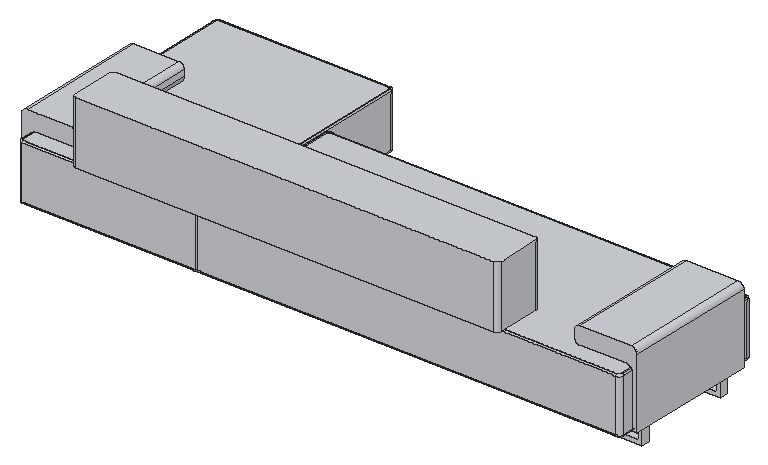
Revit family
Parameters (values of type "Modello con Isola")
  Manufacturer = "Revit"
  Materiale Piedi = none
  Materiale [instance] = none
Reference planes
  plane 1 "Center (Front/Back)": y = 0
  plane 2: z = 0
  plane 3 "Center (Left/Right)": x = 0
  plane 4: y = 210
  plane 5: y = 810
  plane 6: y = 1410
Forms (mm)
  Extrusion 1, solid, material <- "Materiale"
    sketch origin (0, 0, 460) x (1, 0, 0) y (0, 1, 0)
      loop
        arc (-1285.218, 313.341) -> (-1302.679, 306.109) -> (-1309.911, 288.648) r 24.693
        line (-1309.911, 288.648) -> (-1309.911, 24.693)
        arc (-1309.911, 24.693) -> (-1302.679, 7.232) -> (-1285.218, 0) r 24.693
        line (-1285.218, 0) -> (1285.218, 0)
        arc (1285.218, 0) -> (1302.679, 7.232) -> (1309.911, 24.693) r 24.693
        line (1309.911, 24.693) -> (1309.911, 288.648)
        arc (1309.911, 288.648) -> (1302.679, 306.109) -> (1285.218, 313.341) r 24.693
        line (1285.218, 313.341) -> (-1285.218, 313.341)
    from 0 to 385
  Extrusion 2, solid, material <- "Materiale"
    sketch origin (0, 0, 115) x (1, 0, 0) y (0, 1, 0)
      loop
        line (-591.622, 50.432) -> (-591.622, 1542.014)
        arc (-591.622, 1542.014) -> (-595.925, 1552.404) -> (-606.315, 1556.708) r 14.693
        line (-606.315, 1556.708) -> (-1649.364, 1556.708)
        arc (-1649.364, 1556.708) -> (-1659.754, 1552.404) -> (-1664.057, 1542.014) r 14.693
        line (-1664.057, 1542.014) -> (-1664.057, 65.125)
        arc (-1664.057, 65.125) -> (-1659.754, 54.735) -> (-1649.364, 50.432) r 14.693
        line (-1649.364, 50.432) -> (-591.622, 50.432)
      loop
        line (-561.505, 50.432) -> (2003.394, 50.432)
        arc (2003.394, 50.432) -> (2013.784, 54.735) -> (2018.088, 65.125) r 14.693
        line (2018.088, 65.125) -> (2018.088, 1016.409)
        arc (2018.088, 1016.409) -> (2013.784, 1026.799) -> (2003.394, 1031.103) r 14.693
        line (2003.394, 1031.103) -> (-546.812, 1031.103)
        arc (-546.812, 1031.103) -> (-557.202, 1026.799) -> (-561.505, 1016.409) r 14.693
        line (-561.505, 1016.409) -> (-561.505, 50.432)
    from 0 to 345
  Extrusion 3, solid, material <- "Materiale"
    sketch origin (0, 0, 0) x (1, 0, 0) y (0, 0, 1)
      loop
        line (-1724.67, 115.916) -> (-1674.095, 115.916) -> (-1674.095, 441.718)
        arc (-1674.095, 441.718) -> (-1663.863, 466.421) -> (-1639.159, 476.654) r 34.935
        line (-1639.159, 476.654) -> (-1415.69, 476.654)
        arc (-1415.69, 476.654) -> (-1390.987, 486.886) -> (-1380.755, 511.589) r 34.935
        line (-1380.755, 511.589) -> (-1380.755, 546.448)
        arc (-1380.755, 546.448) -> (-1390.987, 571.151) -> (-1415.69, 581.384) r 34.935
        line (-1415.69, 581.384) -> (-1689.735, 581.384)
        arc (-1689.735, 581.384) -> (-1714.438, 571.151) -> (-1724.67, 546.448) r 34.935
        line (-1724.67, 546.448) -> (-1724.67, 115.916)
      loop
        line (2028.05, 115.916) -> (2058.396, 115.916) -> (2058.396, 546.448)
        arc (2058.396, 546.448) -> (2048.163, 571.151) -> (2023.46, 581.384) r 34.935
        line (2023.46, 581.384) -> (1708.955, 581.384)
        arc (1708.955, 581.384) -> (1684.252, 571.151) -> (1674.02, 546.448) r 34.935
        line (1674.02, 546.448) -> (1674.02, 511.589)
        arc (1674.02, 511.589) -> (1684.252, 486.886) -> (1708.955, 476.654) r 34.935
        line (1708.955, 476.654) -> (1993.115, 476.654)
        arc (1993.115, 476.654) -> (2017.818, 466.421) -> (2028.05, 441.718) r 34.935
        line (2028.05, 441.718) -> (2028.05, 115.916)
    from -950.132 to -131.401
  Sweep 4, solid, material <- "Materiale"
    path origin (0, 0, 0) x (1, 0, 0) y (0, 1, 0)
      loop
        line (-606.315, 1556.708) -> (-1649.364, 1556.708)
        arc (-1649.364, 1556.708) -> (-1659.754, 1552.404) -> (-1664.057, 1542.014) r 14.693
        line (-1664.057, 1542.014) -> (-1664.057, 65.125)
        arc (-1664.057, 65.125) -> (-1659.754, 54.735) -> (-1649.364, 50.432) r 14.693
        line (-1649.364, 50.432) -> (-591.622, 50.432) -> (-591.622, 1542.014)
        arc (-591.622, 1542.014) -> (-595.925, 1552.404) -> (-606.315, 1556.708) r 14.693
    profile origin (-1127.84, 1556.708, 0) x (0, -1, 0) y (0, 0, 1)
      loop
        arc (0, 460) -> (-7.071, 457.071) -> (-10, 450) r 10
        line (-10, 450) -> (-10, 125)
        arc (-10, 125) -> (-7.071, 117.929) -> (0, 115) r 10
        line (0, 115) -> (0, 460)
  Sweep 5, solid, material <- "Materiale"
    path origin (0, 0, 0) x (1, 0, 0) y (0, 1, 0)
      loop
        line (2003.394, 1031.103) -> (-546.812, 1031.103)
        arc (-546.812, 1031.103) -> (-557.202, 1026.799) -> (-561.505, 1016.409) r 14.693
        line (-561.505, 1016.409) -> (-561.505, 50.432) -> (2003.394, 50.432)
        arc (2003.394, 50.432) -> (2013.784, 54.735) -> (2018.088, 65.125) r 14.693
        line (2018.088, 65.125) -> (2018.088, 1016.409)
        arc (2018.088, 1016.409) -> (2013.784, 1026.799) -> (2003.394, 1031.103) r 14.693
    profile origin (728.291, 1031.103, 0) x (0, -1, 0) y (0, 0, 1)
      loop
        arc (0, 460) -> (-7.071, 457.071) -> (-10, 450) r 10
        line (-10, 450) -> (-10, 125)
        arc (-10, 125) -> (-7.071, 117.929) -> (0, 115) r 10
        line (0, 115) -> (0, 460)
  Extrusion 6, solid, material <- "Materiale Piedi"
    sketch origin (0, 860, 0) x (1, 0, 0) y (0, 0, 1)
      loop
        line (-1676.433, 115.916) -> (-1676.433, 0) -> (-1582.923, 0) -> (-1582.923, 23.14) -> (-1653.621, 23.14) -> (-1653.621, 115.916) -> (-1676.433, 115.916)
      loop
        line (-634.698, 115.916) -> (-634.698, 23.14) -> (-705.397, 23.14) -> (-705.397, 0) -> (-611.887, 0) -> (-611.887, 115.916) -> (-634.698, 115.916)
    from 0 to 50
  Extrusion 7, solid, material <- "Materiale Piedi"
    sketch origin (0, 260, 0) x (1, 0, 0) y (0, 0, 1)
      loop
        line (-1676.433, 115.916) -> (-1676.433, 0) -> (-1582.923, 0) -> (-1582.923, 23.14) -> (-1653.621, 23.14) -> (-1653.621, 115.916) -> (-1676.433, 115.916)
      loop
        line (-634.698, 115.916) -> (-634.698, 23.14) -> (-705.397, 23.14) -> (-705.397, 0) -> (-611.887, 0) -> (-611.887, 115.916) -> (-634.698, 115.916)
    from 0 to 50
  Extrusion 8, solid, material <- "Materiale Piedi"
    sketch origin (0, 1460, 0) x (1, 0, 0) y (0, 0, 1)
      loop
        line (-1676.433, 115.916) -> (-1676.433, 0) -> (-1582.923, 0) -> (-1582.923, 23.14) -> (-1653.621, 23.14) -> (-1653.621, 115.916) -> (-1676.433, 115.916)
      loop
        line (-634.698, 115.916) -> (-634.698, 23.14) -> (-705.397, 23.14) -> (-705.397, 0) -> (-611.887, 0) -> (-611.887, 115.916) -> (-634.698, 115.916)
    from 0 to 50
  Extrusion 9, solid, material <- "Materiale Piedi"
    sketch origin (0, 260, 0) x (1, 0, 0) y (0, 0, 1)
      loop
        line (2005.239, 23.14) -> (1674.02, 23.14) -> (1674.02, 0) -> (2028.05, 0) -> (2028.05, 115.916) -> (2005.239, 115.916) -> (2005.239, 23.14)
    from 0 to 50
  Extrusion 10, solid, material <- "Materiale Piedi"
    sketch origin (0, 860, 0) x (1, 0, 0) y (0, 0, 1)
      loop
        line (2005.239, 23.14) -> (1674.02, 23.14) -> (1674.02, 0) -> (2028.05, 0) -> (2028.05, 115.916) -> (2005.239, 115.916) -> (2005.239, 23.14)
    from 0 to 50
Lines and regions (mm)
  symbolic lines
    curve 1: line (-581.622, 313.341, 0) -> (-581.622, 1542.014, 0)
    curve 2: arc (-581.622, 1542.014, 0) -> (-588.854, 1559.475, 0) -> (-606.315, 1566.708, 0) r 24.693
    curve 3: line (-606.315, 1566.708, 0) -> (-1649.364, 1566.708, 0)
    curve 4: arc (-1649.364, 1566.708, 0) -> (-1666.825, 1559.475, 0) -> (-1674.057, 1542.014, 0) r 24.693
    curve 5: line (-1674.057, 1542.014, 0) -> (-1674.057, 950.132, 0)
    curve 6: line (-1699.939, 950.132, 0) -> (-1405.41, 950.132, 0)
    curve 7: arc (-1405.41, 950.132, 0) -> (-1387.95, 942.9, 0) -> (-1380.717, 925.439, 0) r 24.693
    curve 8: line (-1380.717, 925.439, 0) -> (-1380.717, 156.095, 0)
    curve 9: arc (-1380.717, 156.095, 0) -> (-1387.95, 138.634, 0) -> (-1405.41, 131.401, 0) r 24.693
    curve 10: line (-1405.41, 131.401, 0) -> (-1699.939, 131.401, 0)
    curve 11: arc (-1699.939, 131.401, 0) -> (-1717.4, 138.634, 0) -> (-1724.632, 156.095, 0) r 24.693
    curve 12: line (-1724.632, 156.095, 0) -> (-1724.632, 925.439, 0)
    curve 13: arc (-1724.632, 925.439, 0) -> (-1717.4, 942.9, 0) -> (-1699.939, 950.132, 0) r 24.693
    curve 14: line (-1674.057, 131.401, 0) -> (-1674.057, 65.125, 0)
    curve 15: arc (-1674.057, 65.125, 0) -> (-1666.825, 47.664, 0) -> (-1649.364, 40.432, 0) r 24.693
    curve 16: line (-1649.364, 40.432, 0) -> (-1309.911, 40.432, 0)
    curve 17: line (1285.218, 0, 0) -> (-1285.218, 0, 0)
    curve 18: arc (-1285.218, 0, 0) -> (-1302.679, 7.232, 0) -> (-1309.911, 24.693, 0) r 24.693
    curve 19: line (-1309.911, 24.693, 0) -> (-1309.911, 288.648, 0)
    curve 20: arc (-1309.911, 288.648, 0) -> (-1302.679, 306.109, 0) -> (-1285.218, 313.341, 0) r 24.693
    curve 21: line (-1285.218, 313.341, 0) -> (1285.218, 313.341, 0)
    curve 22: arc (1285.218, 313.341, 0) -> (1302.679, 306.109, 0) -> (1309.911, 288.648, 0) r 24.693
    curve 23: line (1309.911, 288.648, 0) -> (1309.911, 24.693, 0)
    curve 24: arc (1309.911, 24.693, 0) -> (1302.679, 7.232, 0) -> (1285.218, 0, 0) r 24.693
    curve 25: line (-571.505, 313.341, 0) -> (-571.505, 1016.409, 0)
    curve 26: arc (-571.505, 1016.409, 0) -> (-564.273, 1033.87, 0) -> (-546.812, 1041.103, 0) r 24.693
    curve 27: line (-546.812, 1041.103, 0) -> (2003.394, 1041.103, 0)
    curve 28: arc (2003.394, 1041.103, 0) -> (2020.855, 1033.87, 0) -> (2028.088, 1016.409, 0) r 24.693
    curve 29: line (2028.088, 1016.409, 0) -> (2028.088, 950.132, 0)
    curve 30: line (1698.751, 950.132, 0) -> (2033.74, 950.132, 0)
    curve 31: arc (2033.74, 950.132, 0) -> (2051.201, 942.9, 0) -> (2058.433, 925.439, 0) r 24.693
    curve 32: line (2058.433, 925.439, 0) -> (2058.433, 166.203, 0)
    curve 33: arc (2058.433, 166.203, 0) -> (2051.201, 148.742, 0) -> (2033.74, 141.509, 0) r 24.693
    curve 34: line (2033.74, 141.509, 0) -> (1698.751, 141.509, 0)
    curve 35: arc (1698.751, 141.509, 0) -> (1681.29, 148.742, 0) -> (1674.057, 166.203, 0) r 24.693
    curve 36: line (1674.057, 166.203, 0) -> (1674.057, 925.439, 0)
    curve 37: arc (1674.057, 925.439, 0) -> (1681.29, 942.9, 0) -> (1698.751, 950.132, 0) r 24.693
    curve 38: line (2028.088, 141.509, 0) -> (2028.088, 65.125, 0)
    curve 39: arc (2028.088, 65.125, 0) -> (2020.855, 47.664, 0) -> (2003.394, 40.432, 0) r 24.693
    curve 40: line (2003.394, 40.432, 0) -> (1309.911, 40.432, 0)
